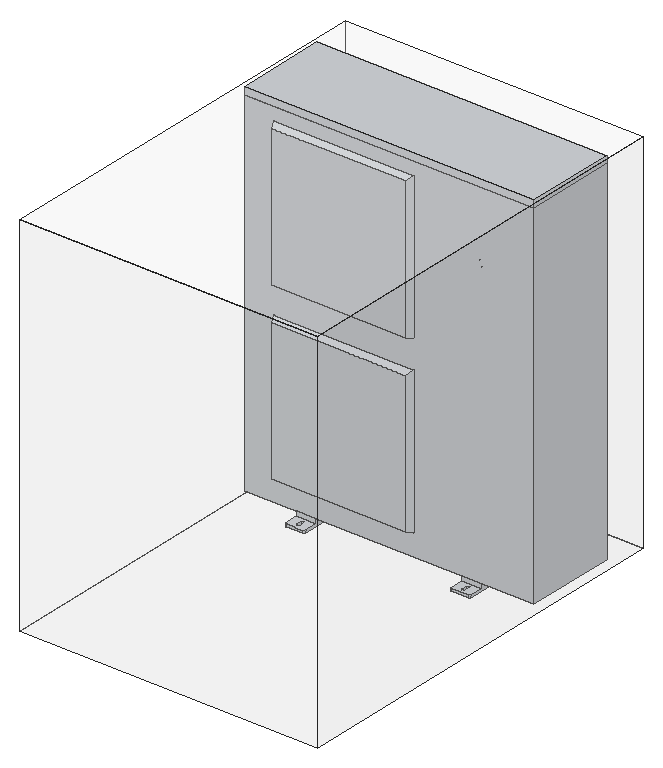
Revit family "puz-ermp80sha_280ka12_50Hz", category 機械設備, Revit 2019 (continued)
Definition of nested family "PUZ-ZRMP-3"
  Dimensions and locks
    aligned and locked: Blend 4 sketch curve to plane 47
    aligned and locked: Blend 4 sketch curve to plane 45
    aligned and locked: Blend 4 sketch curve to plane 46
    aligned and locked: Blend 4 sketch curve to plane 48
    aligned and locked: Blend 4 to plane 8
    aligned and locked: plane 38 to Blend 4
    aligned and locked: curve 17 to plane 49
    aligned and locked: curve 1 to plane 49
    aligned and locked: plane 49 to curve 19
    aligned and locked: curve 18 to plane 50
    aligned and locked: plane 50 to curve 2
    aligned and locked: plane 50 to curve 20
    aligned and locked: plane 57 to Extrusion 5 sketch curve
    aligned and locked: plane 53 to Extrusion 5 sketch curve
    aligned and locked: plane 58 to Extrusion 6 sketch curve
    aligned and locked: plane 56 to Extrusion 6 sketch curve
    aligned and locked: plane 61 to Extrusion 7 sketch curve
    aligned and locked: plane 54 to Extrusion 7 sketch curve
    aligned and locked: plane 55 to Extrusion 7
    aligned and locked: Extrusion 7 to plane 62
    aligned and locked: plane 64 to Extrusion 6
    aligned and locked: plane 63 to Extrusion 5
    aligned and locked: Extrusion 6 to plane 60
    aligned and locked: Extrusion 5 to plane 59
    aligned and locked: plane 66 to Extrusion 8 sketch curve
    aligned and locked: plane 65 to Extrusion 8 sketch curve
    aligned and locked: Extrusion 8 to plane 60
    aligned and locked: plane 64 to Extrusion 8
    aligned and locked: Blend 9 sketch curve to plane 71
    aligned and locked: Blend 9 sketch curve to plane 72
    aligned and locked: Blend 9 sketch curve to plane 42
    aligned and locked: Blend 9 sketch curve to plane 41
    aligned and locked: plane 45 to Blend 9 sketch curve
    aligned and locked: Blend 9 sketch curve to plane 46
    aligned and locked: Blend 9 sketch curve to plane 73
    aligned and locked: plane 74 to Blend 9 sketch curve
    aligned and locked: Blend 9 to plane 8
    aligned and locked: plane 38 to Blend 9
    aligned and locked: plane 22 to Extrusion 10 sketch curve
    aligned and locked: plane 21 to Extrusion 10 sketch curve
    aligned and locked: Extrusion 10 sketch curve to Extrusion 1  (x4)
    aligned and locked: Extrusion 10 sketch curve to plane 23
    aligned and locked: Extrusion 10 sketch curve to plane 20
    aligned and locked: plane 24 to Extrusion 10
    aligned and locked: Extrusion 10 to level
    aligned and locked: plane 25 to Extrusion 11
    aligned and locked: Extrusion 11 to plane 26
    aligned and locked: Masking region 1 sketch curve to Extrusion 3  (x4)
    aligned and locked: Masking region 1 sketch curve to cut or joined group of Extrusion 1, Extrusion 10  (x8)
    aligned and locked: Masking region 1 sketch curve to Blend 9  (x3)
    aligned and locked: plane 51 to Extrusion 11 sketch curve
    aligned and locked: plane 52 to Extrusion 11 sketch curve
    aligned and locked: plane 76 to Extrusion 11 sketch curve
    aligned and locked: plane 77 to Extrusion 11 sketch curve
    aligned and locked: plane 78 to Extrusion 11 sketch curve
    aligned and locked: plane 79 to Extrusion 11 sketch curve
    aligned and locked: plane 75 to Extrusion 11 sketch curve  (x4)
  Automatic sketch dimensions
    plane 7 to Extrusion 1 sketch curve = 0 mm  (x2)
    Extrusion 1 sketch curve to plane 18 = 0 mm
    plane 8 to Extrusion 1 sketch curve = 0 mm  (x2)
    Extrusion 1 sketch curve to plane 19 = 0 mm
    Extrusion 1 sketch curve to plane 20 = 0 mm
    Extrusion 1 sketch curve to plane 21 = 0 mm
    curve 187 to curve 188 = 40 mm
    curve 186 to curve 190 = 13.333 mm
    curve 190 to curve 190 = 40 mm
    curve 186 to curve 193 = 0 mm
    curve 186 to curve 188 = 40 mm
    curve 188 to curve 191 = 0 mm
    curve 179 to curve 180 = 40 mm
    curve 178 to curve 182 = 120 mm
    curve 182 to curve 182 = 40 mm
    curve 178 to curve 185 = 0 mm
    curve 178 to curve 180 = 40 mm
    curve 182 to curve 183 = 40 mm
    curve 25 to plane 45 = 0 mm
    curve 24 to plane 45 = 0 mm
    curve 22 to plane 45 = 0 mm
    curve 23 to plane 45 = 0 mm
    curve 26 to plane 45 = 0 mm
    curve 21 to plane 45 = 0 mm
    curve 24 to plane 46 = 0 mm
    curve 25 to plane 46 = 0 mm
    curve 26 to plane 46 = 0 mm
    curve 23 to plane 46 = 0 mm
    curve 22 to plane 46 = 0 mm
    curve 21 to plane 46 = 0 mm
    curve 37 to plane 48 = 0 mm
    curve 52 to plane 48 = 0 mm
    curve 51 to plane 48 = 0 mm
    curve 50 to plane 48 = 0 mm
    curve 49 to plane 48 = 0 mm
    curve 48 to plane 48 = 0 mm
    curve 47 to plane 48 = 0 mm
    curve 46 to plane 48 = 0 mm
    curve 45 to plane 48 = 0 mm
    curve 44 to plane 48 = 0 mm
    curve 43 to plane 48 = 0 mm
    curve 42 to plane 48 = 0 mm
    curve 41 to plane 48 = 0 mm
    curve 27 to plane 48 = 0 mm
    curve 28 to plane 48 = 0 mm
    curve 40 to plane 48 = 0 mm
    curve 39 to plane 48 = 0 mm
    curve 29 to plane 48 = 0 mm
    curve 38 to plane 48 = 0 mm
    curve 30 to plane 48 = 0 mm
    curve 53 to plane 48 = 0 mm
    curve 31 to plane 48 = 0 mm
    curve 36 to plane 48 = 0 mm
    curve 32 to plane 48 = 0 mm
    curve 35 to plane 48 = 0 mm
    curve 33 to plane 48 = 0 mm
    curve 34 to plane 48 = 0 mm
    curve 28 to plane 47 = 0 mm
    curve 41 to plane 47 = 0 mm
    curve 27 to plane 47 = 0 mm
    curve 42 to plane 47 = 0 mm
    curve 31 to plane 47 = 0 mm
    curve 40 to plane 47 = 0 mm
    curve 37 to plane 47 = 0 mm
    curve 39 to plane 47 = 0 mm
    curve 32 to plane 47 = 0 mm
    curve 45 to plane 47 = 0 mm
    curve 36 to plane 47 = 0 mm
    curve 46 to plane 47 = 0 mm
    curve 43 to plane 47 = 0 mm
    curve 47 to plane 47 = 0 mm
    curve 29 to plane 47 = 0 mm
    curve 48 to plane 47 = 0 mm
    curve 30 to plane 47 = 0 mm
    curve 49 to plane 47 = 0 mm
    curve 44 to plane 47 = 0 mm
    curve 50 to plane 47 = 0 mm
    curve 33 to plane 47 = 0 mm
    curve 51 to plane 47 = 0 mm
    curve 35 to plane 47 = 0 mm
    curve 52 to plane 47 = 0 mm
    curve 38 to plane 47 = 0 mm
    curve 53 to plane 47 = 0 mm
    curve 34 to plane 47 = 0 mm
    plane 13 to curve 304 = 138 mm
    curve 304 to plane 46 = 0 mm
    curve 307 to plane 45 = 0 mm
    curve 306 to plane 45 = 0 mm
    curve 303 to plane 45 = 0 mm
    curve 308 to plane 45 = 0 mm
    curve 303 to plane 46 = 0 mm
    curve 306 to plane 46 = 0 mm
    curve 307 to plane 46 = 0 mm
    curve 308 to plane 46 = 0 mm
    curve 309 to plane 45 = 0 mm
    curve 309 to plane 46 = 0 mm
    curve 305 to plane 74 = 0 mm
    curve 305 to plane 73 = 0 mm
    curve 310 to plane 74 = 0 mm
    curve 310 to plane 73 = 0 mm
    curve 311 to plane 73 = 0 mm
    curve 311 to plane 74 = 0 mm
    curve 312 to plane 74 = 0 mm
    curve 312 to plane 73 = 0 mm
    curve 313 to plane 74 = 0 mm
    curve 313 to plane 73 = 0 mm
    curve 314 to plane 73 = 0 mm
    curve 314 to plane 74 = 0 mm
    curve 315 to plane 74 = 0 mm
    curve 315 to plane 73 = 0 mm
    curve 316 to plane 73 = 0 mm
    curve 316 to plane 74 = 0 mm
    curve 317 to plane 74 = 0 mm
    curve 317 to plane 73 = 0 mm
    curve 318 to plane 74 = 0 mm
    curve 318 to plane 73 = 0 mm
    curve 319 to plane 74 = 0 mm
    curve 319 to plane 73 = 0 mm
    curve 320 to plane 74 = 0 mm
    curve 320 to plane 73 = 0 mm
    curve 321 to plane 74 = 0 mm
    curve 321 to plane 73 = 0 mm
    curve 322 to plane 73 = 0 mm
    curve 322 to plane 74 = 0 mm
    curve 323 to plane 73 = 0 mm
    curve 323 to plane 74 = 0 mm
    curve 324 to plane 73 = 0 mm
    curve 324 to plane 74 = 0 mm
    curve 325 to plane 74 = 0 mm
    curve 325 to plane 73 = 0 mm
    curve 326 to plane 74 = 0 mm
    curve 326 to plane 73 = 0 mm
    curve 327 to plane 74 = 0 mm
    curve 327 to plane 73 = 0 mm
    curve 328 to plane 74 = 0 mm
    curve 328 to plane 73 = 0 mm
    curve 329 to plane 74 = 0 mm
    curve 329 to plane 73 = 0 mm
    curve 330 to plane 74 = 0 mm
    curve 330 to plane 73 = 0 mm
    curve 331 to plane 74 = 0 mm
    curve 331 to plane 73 = 0 mm
    curve 332 to plane 73 = 0 mm
    curve 332 to plane 74 = 0 mm
    curve 333 to plane 74 = 0 mm
    curve 333 to plane 73 = 0 mm
    curve 334 to plane 73 = 0 mm
    curve 334 to plane 74 = 0 mm
    curve 335 to plane 74 = 0 mm
    curve 335 to plane 73 = 0 mm
    Extrusion 10 sketch curve to plane 18 = 0 mm  (x2)
    plane 8 to Extrusion 10 sketch curve = 0 mm
    plane 23 to Extrusion 10 sketch curve = 0 mm
    plane 22 to Extrusion 10 sketch curve = 0 mm  (x3)
    plane 16 to Extrusion 10 sketch curve = 0 mm  (x3)
    plane 17 to Extrusion 10 sketch curve = 0 mm  (x3)
    Extrusion 10 sketch curve to plane 15 = 0 mm  (x2)
    Extrusion 10 sketch curve to plane 19 = 0 mm  (x2)
    Extrusion 10 sketch curve to plane 14 = 0 mm  (x2)
    plane 7 to Extrusion 10 sketch curve = 0 mm
    Extrusion 10 sketch curve to plane 18 = 5 mm
    plane 15 to Extrusion 10 sketch curve = 6 mm  (x2)
    plane 19 to Extrusion 10 sketch curve = 5 mm
    Extrusion 10 sketch curve to plane 20 = 5 mm
    plane 14 to Extrusion 10 sketch curve = 6 mm  (x2)
    plane 21 to Extrusion 10 sketch curve = 5 mm
    plane 38 to Extrusion 10 sketch curve = 10 mm  (x2)
    plane 19 to Masking region 1 sketch curve = 0 mm
    plane 21 to Masking region 1 sketch curve = 0 mm
    plane 7 to Masking region 1 sketch curve = 0 mm  (x2)
    Masking region 1 sketch curve to plane 20 = 0 mm
    Masking region 1 sketch curve to plane 18 = 0 mm
    plane 8 to Masking region 1 sketch curve = 0 mm  (x2)
    plane 38 to Masking region 1 sketch curve = 0 mm
    curve 352 to plane 6 = 0 mm
    plane 7 to curve 352 = 0 mm
    curve 353 to plane 18 = 0 mm
    curve 348 to plane 18 = 0 mm
    plane 8 to curve 346 = 0 mm
    curve 354 to plane 19 = 0 mm
    curve 347 to plane 19 = 0 mm
    curve 345 to plane 41 = 0 mm
    plane 38 to curve 344 = 0 mm
    curve 344 to plane 46 = 0 mm
    curve 357 to plane 20 = 0 mm
    curve 343 to plane 20 = 0 mm
    curve 358 to plane 21 = 0 mm
    curve 341 to plane 21 = 0 mm
    curve 339 to plane 45 = 0 mm
    curve 339 to plane 42 = 0 mm
    curve 337 to plane 5 = 0 mm
    plane 22 to curve 354 = 0 mm
    plane 22 to curve 358 = 0 mm
    plane 23 to curve 342 = 0 mm
    plane 23 to curve 347 = 0 mm
    curve 11 to plane 65 = 6 mm
    plane 18 to curve 352 = 28.157 mm
    plane 15 to curve 346 = 0.043 mm
    plane 21 to curve 338 = 11.963 mm
    curve 336 to plane 21 = 9.073 mm
    curve 344 to plane 21 = 22.105 mm
    plane 28 to curve 3 = 5 mm
    curve 3 to plane 45 = 38 mm
    curve 1 to plane 45 = 38 mm
    curve 3 to curve 5 = 0 mm
    curve 4 to plane 29 = 5 mm
    curve 372 to plane 65 = 6 mm
    plane 65 to curve 376 = 9 mm
    curve 12 to plane 65 = 6 mm
    curve 20 to plane 53 = 4 mm
    curve 2 to curve 16 = 15 mm
    plane 51 to curve 15 = 5 mm
Definition of nested family "固定点"
  Parameters (values of type "固定点")
    中心円 = if(W > 599 mm, 12 mm, 10 mm)  # 12 mm
    W = 1000 mm
    D = 1000 mm
  Reference planes
    plane 1 "中心(正面/背面)": y = 0
    plane 2: z = 0
    plane 3 "中心(左/右)": x = 0
    plane 4: x = 1000
    plane 5: y = 1000
  Lines and regions (mm)
    symbolic lines, detail levels fine
      curve 1: circle (0, 1000, 0) r 6 normal (0, 0, 1)
      curve 2: circle (0, 0, 0) r 6 normal (0, 0, 1)
      curve 3: circle (1000, 1000, 0) r 6 normal (0, 0, 1)
      curve 4: circle (1000, 0, 0) r 6 normal (0, 0, 1)
      curve 5: line (-200, 1000, 0) -> (1200, 1000, 0)
      curve 6: line (-200, 0, 0) -> (1200, 0, 0)
      curve 7: line (0, 1200, 0) -> (0, -200, 0)
      curve 8: line (1000, 1200, 0) -> (1000, -200, 0)
  Dimensions and locks
    "W": plane 3 "中心(左/右)" to plane 4
    "D": plane 1 "中心(正面/背面)" to plane 5
    "中心円": diameter of curve 1
    "中心円": diameter of curve 2
    "中心円": diameter of curve 3
    "中心円": diameter of curve 4
    aligned and locked: level to plane 2
    aligned and locked: plane 5 to curve 1
    aligned and locked: plane 3 "中心(左/右)" to curve 1
    aligned and locked: plane 3 "中心(左/右)" to curve 2
    aligned and locked: plane 1 "中心(正面/背面)" to curve 2
    aligned and locked: plane 4 to curve 3
    aligned and locked: plane 5 to curve 3
    aligned and locked: plane 1 "中心(正面/背面)" to curve 4
    aligned and locked: plane 4 to curve 4
    aligned and locked: plane 1 "中心(正面/背面)" to curve 6
    aligned and locked: curve 7 to plane 3 "中心(左/右)"
    aligned and locked: curve 8 to plane 4
  Automatic sketch dimensions
    curve 5 to plane 5 = 0 mm
    curve 6 to plane 3 "中心(左/右)" = 200 mm
    curve 5 to plane 3 "中心(左/右)" = 200 mm
    curve 4 to curve 6 = 200 mm
    curve 3 to curve 5 = 200 mm
    plane 1 "中心(正面/背面)" to curve 8 = 200 mm
    plane 1 "中心(正面/背面)" to curve 7 = 200 mm
    curve 3 to curve 8 = 200 mm
    curve 1 to curve 7 = 200 mm
Types (7, lengths in mm): name | 音響パワーレベル（冷）(dB) | 音響パワーレベル(dB) | 電源位置Y | 電源位置Z | 電源位置X | 電動機出力_送風機 | 電動機出力_圧縮機 | 質量 | 製品質量 | 相 | 消費電力_暖房 | 消費電力_冷房 | 消費電力 | 構成品番 | 極数 | 最小電線太さ_mm2 | 暖房能力 | 推奨ブレーカー容量 | 形名 | 価格 | ドレン　位置Z | ドレン　位置Y | ドレン　位置X | 冷房能力 | 冷媒管（ガス）位置X | 冷媒管（液）位置X | 冷媒管（液）位置Y | 冷媒管（ガス）位置Y | 冷媒管径符号 | 冷媒管位置Z | 冷媒管位置Y | 冷媒管位置X | 冷媒液管径 | 冷媒ガス管径 | ユニット3 | ユニット2 | Width | URL | Height | Clearance Right | Clearance Left | Clearance Front | Clearance Back
  PUZ-ERMP80HA12 | 68 | 70 | 2 | 459 | 275 | 0.06 kW | 1.6 kW | 67.20 kg | 56.00 kg | 3 | 2.01 kW | 1.98 kW | 2.01 kW | "PUZ-ERMP80HA" | 3 | 1.6 | 8 kW | 20 A | PUZ-ERMP-2 : PUZ-EREMP80 | 721000 | 23 | 111 | 30 | 7.1 kW | 434 | 377 | 290 | 229 | "Bd" | 295 | 259.5 | 405.5 | 9.52 | 15.88 | no | yes | 950 | "https://www.mitsubishielectric.co.jp/ldg/wink/ssl/displayProduct.do?pid=323570" | 740 | 10 | 10 | 500 | 100
  PUZ-ERMP112LA12 | 72 | 74 | 5 | 685 | 275 | 0.2 kW | 2.1 kW | 80.40 kg | 67.00 kg | 3 | 2.45 kW | 2.32 kW | 2.45 kW | "PUZ-ERMP112LA" | 3 | 1.6 | 11.2 kW | 30 A | PUZ-ERMP-4 : PUZ-ERMP112 | 853000 | 23 | 111.4 | 52 | 10 kW | 429 | 372 | 290.5 | 269 | "Bd" | 447 | 279.75 | 400.5 | 9.52 | 15.88 | no | yes | 950 | "https://www.mitsubishielectric.co.jp/ldg/wink/ssl/displayProduct.do?pid=323576" | 1018 | 15 | 15 | 500 | 150
  PUZ-ERMP224KA2 | 79 | 81 | 2 | 1063 | 325 | 0.3 kW | 4.6 kW | 127.20 kg | 106.00 kg | 3 | 6.52 kW | 6.21 kW | 6.52 kW | "PUZ-ERMP224KA" | 3 | 2 | 22.4 kW | 40 A | PUZ-ZRMP-3 : PUZ-ZRMP224KA | 1565000 | 23 | 176 | 45 | 20 kW | 479 | 423 | 290 | 236 | "Bg" | 450 | 263 | 451 | 9.52 | 25.40 | yes | no | 1050 | "https://www.mitsubishielectric.co.jp/ldg/wink/ssl/displayProduct.do?pid=323585" | 1338 | 15 | 15 | 1000 | 150
  PUZ-ERMP280KA2 | 82 | 83 | 2 | 1063 | 325 | 0.4 kW | 6 kW | 140.40 kg | 117.00 kg | 3 | 8.62 kW | 9.33 kW | 9.33 kW | "PUZ-ERMP280KA" | 3 | 2 | 28 kW | 50 A | PUZ-ZRMP-3 : PUZ-ZRMP224KA | 1917000 | 26 | 176 | 45 | 25 kW | 479 | 423 | 290 | 236 | "Cg" | 450 | 263 | 451 | 12.70 | 25.40 | yes | no | 1050 | "https://www.mitsubishielectric.co.jp/ldg/wink/ssl/displayProduct.do?pid=323588" | 1338 | 15 | 15 | 1000 | 150
  PUZ-ERMP80SHA12 | 68 | 70 | 2 | 459 | 275 | 0.06 kW | 1.6 kW | 70.80 kg | 59.00 kg | 1 | 2.01 kW | 1.98 kW | 2.01 kW | "PUZ-ERMP80SHA" | 1 | 1.6 | 8 kW | 30 A | PUZ-ERMP-2 : PUZ-EREMP80 | 721000 | 23 | 111 | 30 | 7.1 kW | 434 | 377 | 290 | 229 | "Bd" | 295 | 259.5 | 405.5 | 9.52 | 15.88 | no | yes | 950 | "https://www.mitsubishielectric.co.jp/ldg/wink/ssl/displayProduct.do?pid=323571" | 740 | 10 | 10 | 500 | 100
  PUZ-ERMP140LA12 | 73 | 74 | 5 | 685 | 275 | 0.2 kW | 2.6 kW | 90.00 kg | 75.00 kg | 3 | 3.32 kW | 3.37 kW | 3.37 kW | "PUZ-ERMP140LA" | 3 | 1.6 | 14 kW | 30 A | PUZ-ERMP-4 : PUZ-ERMP112 | 1010000 | 23 | 111.4 | 52 | 12.5 kW | 429 | 372 | 290.5 | 269 | "Bd" | 447 | 279.75 | 400.5 | 9.52 | 15.88 | no | yes | 950 | "https://www.mitsubishielectric.co.jp/ldg/wink/ssl/displayProduct.do?pid=323579" | 1018 | 15 | 15 | 500 | 150
  PUZ-ERMP160LA12 | 74 | 76 | 5 | 685 | 275 | 0.2 kW | 3.5 kW | 90.00 kg | 75.00 kg | 3 | 4.13 kW | 4.27 kW | 4.27 kW | "PUZ-ERMP160LA" | 3 | 1.6 | 16 kW | 30 A | PUZ-ERMP-4 : PUZ-ERMP112 | 1125000 | 23 | 111.4 | 52 | 14 kW | 429 | 372 | 290.5 | 269 | "Bd" | 447 | 279.75 | 400.5 | 9.52 | 15.88 | no | yes | 950 | "https://www.mitsubishielectric.co.jp/ldg/wink/ssl/displayProduct.do?pid=323582" | 1018 | 15 | 15 | 500 | 150
